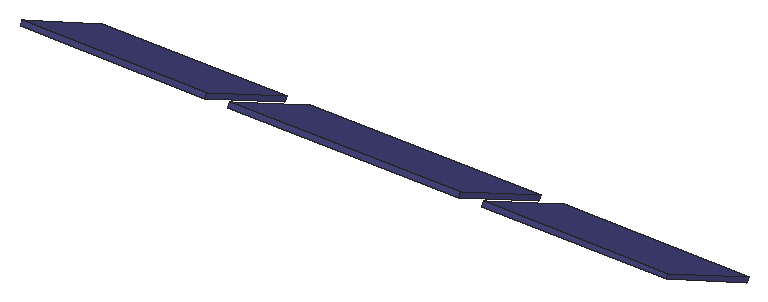
Revit family "Modulo_3_Solar", category Electrical Equipment, Revit 2020
Family settings
  Panel Configuration = Two Columns, Circuits Across
  Round Connector Dimension = Use Diameter
  Part Type = Panelboard
  OmniClass Number = 23.80.30.11.17
  OmniClass Title = Distribution Boards and Control Panels
  Work Plane-Based = No
  Always vertical = No
  Cut with Voids When Loaded = No
  Shared = No
  Room Calculation Point = No
Parameters
  built-in parameter 1140142 [instance] = -1
  Painel Lateral = PainelSolar : Painel_Solar_200x120
  Painel Central = PainelSolar : Painel_Solar_250x120
  Modulo_Solar_Eixo = Modulo_Solar_Comprimento / 2  # 1.250 m
  Modulo_Solar_Comprimento = 2.500 m
  built-in parameter 1140140 [instance] = 1 (stored number, unit not read)
  built-in parameter 1155100 [instance] = -1
  Default Elevation = 0.000 m
Reference planes (m)
  plane 1 "Center (Front/Back)": y = 0
  plane 2: z = 0
  plane 3 "Center (Left/Right)": x = 0
  plane 4: x = 2.5
  plane 5: x = 5
  plane 6: x = 7.5
  plane 7: x = 1.25
  plane 8: x = 3.75
  plane 9: x = 6.25
Dimensions and locks (m)
  equal spacing: plane 3 "Center (Left/Right)", plane 7, plane 4, plane 8, plane 5, plane 9, plane 6
  "Modulo_Solar_Eixo": plane 4 to plane 8
  aligned and locked: level to plane 2
Nested families (m)
  nested 1: "PainelSolar" at (0.05, 0.578869, 0), type <- "Painel Lateral", type "Painel_Solar_200x120"
    with built-in parameter 1140142 -1, MCB Rating 1 A, Feed Through Lugs yes, Painel_Profundidade 1.200 m, Painel_Comprimento 2.000 m, Painel_Angulo 25.00°
  nested 2: "PainelSolar" at (2.55, 0.578869, 0), type <- "Painel Central", type "Painel_Solar_250x120"
    with built-in parameter 1140142 -1, MCB Rating 1 A, Feed Through Lugs yes, Painel_Profundidade 1.200 m, Painel_Comprimento 2.500 m, Painel_Angulo 25.00°
  nested 3: "PainelSolar" at (5.05, 0.578869, 0), type <- "Painel Lateral", type "Painel_Solar_200x120"
    with built-in parameter 1140142 -1, MCB Rating 1 A, Feed Through Lugs yes, Painel_Profundidade 1.200 m, Painel_Comprimento 2.000 m, Painel_Angulo 25.00°
Definition of nested family "PainelSolar"
  Parameters (values of type "Painel_Solar_220x080")
    built-in parameter 1140142 [instance] = -1
    Painel_Profundidade = 0.570 m
    Painel_Comprimento = 2.200 m
    Painel_Angulo = 35.00°
    MCB Rating [instance] = 1 A
    Feed Through Lugs [instance] = yes
    Default Elevation = 0.000 m
  Reference planes (m)
    plane 1 "Center (Front/Back)": y = 0
    plane 2: z = 0
    plane 3 "Center (Left/Right)": x = 0.1
    plane 4: x = 2.3
    plane 5: x = 1.2
  Forms (m)
    Extrusion 1, solid
      sketch origin (2.3, 0.65266, 1.2) x (0, 1, 0) y (0, 0, 1)
        loop
          line (-0.65266, -1.2) -> (-0.623981, -1.159042) -> (-1.090898, -0.832104) -> (-1.119576, -0.873061) -> (-0.65266, -1.2)
      from 0 to -2.2
  Lines and regions (m)
    reference lines
      curve 1: line (0.1, 0, 0) -> (0.1, -0.466917, 0.326939)
  Dimensions and locks (m)
    "Painel_Profundidade": curve 1 to curve 1
    "Painel_Comprimento": plane 4 to plane 3 "Center (Left/Right)"
    equal spacing: plane 3 "Center (Left/Right)", plane 5, plane 4
    locked: Extrusion 1 sketch curve to Extrusion 1 sketch curve at 0.05
    "Painel_Profundidade": Extrusion 1 sketch curve to Extrusion 1 sketch curve
    "Painel_Angulo": angle level to curve 1
    aligned and locked: level to plane 2
    aligned and locked: plane 1 "Center (Front/Back)" to curve 1
    aligned and locked: plane 2 to curve 1
    aligned and locked: Extrusion 1 sketch curve to curve 1
    aligned and locked: Extrusion 1 to plane 3 "Center (Left/Right)"
    aligned and locked: plane 4 to Extrusion 1
  Automatic sketch dimensions
    Extrusion 1 sketch curve to level = 0.000 m
